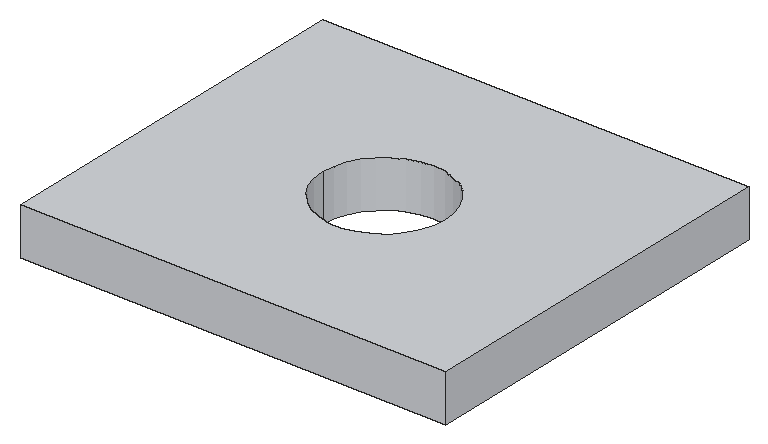
Revit family "Lochplatte VA", category HLS-Bauteile, Revit 2017
Family settings
  Bemaßung runder Anschluss = Durchmesser verwenden
  Teiletyp = Normal
  Arbeitsebenenbasiert = Ja
  Immer vertikal = Nein
  Beim Laden mit Abzugskörper schneiden = Nein
  Gemeinsam genutzt = Ja
  Raumberechnungspunkt = Nein
Parameters (values of type "Lochplatte 13 V4A")
  vpe = "1 St"
  d2 = 6.5 mm
  Default Elevation = 1219.2 mm
  Stärke Material = 0 mm
  Schienenbreite = ""
  S = 5 mm
  Regelhalter [instance] = ""
  Profiltyp = "45"
  Profil = ""
  Plattentyp = ""
  Mengeneinheit = "St"
  Material = "Edelstahl"
  Länge = 45 mm
  L = 45 mm
  Kurztext2 = "Bohrung 13 mm 45x40x5 mm"
  Kurztext1 = "Lochplatte C-Profil 45 V4A"
  Gewinde = ""
  Gewicht pro Bauteil = Gewicht  # 0.068 kg
  Gewicht = 0.068 kg
  Form = ""
  Firma = "MEFA Befestigungs- und Montagesysteme GmbH"
  Fabrikat = "MEFA"
  EAN = "4250928412959"
  Deckentyp = ""
  Breite = 40 mm
  B = 40 mm
  Artikelnummer = "0481401"
  Anzugsmoment = 0 N·m
  Abmessung = ""
Types (3, lengths in mm): name | Kurztext1 | EAN | Artikelnummer
  (no name) | "Lochplatte C-Profil 45 V4A" | "4250928412959" | "0481401"
  Lochplatte 13 V2A | "Lochplatte C-Profil 45 V2A" | "4250928412638" | "0480401"
  Lochplatte 13 V4A | "Lochplatte C-Profil 45 V4A" | "4250928412959" | "0481401"
Reference planes
  plane 1 "Mitte (Vorne/hinten)": y = 0
  plane 2: z = 0
  plane 3 "Mitte (Links/rechts)": x = 0
  plane 4: z = 5
Forms (mm)
  Extrusion 1, solid, detail levels fine
    sketch origin (-17.5, 0, 0) x (1, 0, 0) y (0, 1, 0)
      loop
        line (40, 20) -> (-5, 20) -> (-5, -20) -> (40, -20) -> (40, 20)
    from 0 to 5
  Extrusion 2, void
    sketch origin (0, 0, 0) x (1, 0, 0) y (0, 1, 0)
      loop
        circle (0, 0) r 6.5
    from 0 to 250
  Extrusion 3, solid, detail levels coarse+medium
    sketch origin (-17.5, 0, 0) x (1, 0, 0) y (0, 1, 0)
      loop
        line (40, 20) -> (-5, 20) -> (-5, -20) -> (40, -20) -> (40, 20)
    from 0 to 5
Cuts and joins
  Extrusion 2 cuts Extrusion 1
Lines and regions (mm)
  model lines
    curve 1: line (0, 10, 0) -> (0, -10, 0)
    curve 2: line (-10, 0, 0) -> (10, 0, 0)
    curve 3: line (0, 0, -10) -> (0, 0, 10)
Dimensions and locks
  Extrusion 1 sketch curve to Extrusion 1 sketch curve = 40 mm
  equal spacing: cut or joined group of Extrusion 1, Extrusion 2, plane 1 "Mitte (Vorne/hinten)", cut or joined group of Extrusion 1, Extrusion 2
  Extrusion 1 sketch curve to Extrusion 1 sketch curve = 45 mm
  "S": level to plane 4
  "B": Extrusion 3 sketch curve to Extrusion 3 sketch curve
  "L": Extrusion 3 sketch curve to Extrusion 3 sketch curve
  "d2": radius of Extrusion 2 sketch curve
  aligned and locked: level to plane 2
  aligned and locked: plane 4 to cut or joined group of Extrusion 1, Extrusion 2
  aligned and locked: cut or joined group of Extrusion 1, Extrusion 2 to level
Automatic sketch dimensions
  Extrusion 1 sketch curve to plane 3 "Mitte (Links/rechts)" = 22.5 mm
  plane 1 "Mitte (Vorne/hinten)" to Extrusion 1 sketch curve = 20 mm
  plane 1 "Mitte (Vorne/hinten)" to Extrusion 2 sketch curve = 0 mm
  Extrusion 2 sketch curve to plane 3 "Mitte (Links/rechts)" = 0 mm
  Extrusion 3 sketch curve to plane 3 "Mitte (Links/rechts)" = 22.5 mm
  plane 1 "Mitte (Vorne/hinten)" to Extrusion 3 sketch curve = 20 mm
  plane 1 "Mitte (Vorne/hinten)" to curve 2 = 0 mm
  curve 1 to plane 3 "Mitte (Links/rechts)" = 0 mm
  curve 2 to plane 3 "Mitte (Links/rechts)" = 10 mm
  plane 3 "Mitte (Links/rechts)" to curve 2 = 10 mm
  plane 1 "Mitte (Vorne/hinten)" to curve 1 = 10 mm
  curve 1 to curve 1 = 20 mm
  curve 3 to plane 3 "Mitte (Links/rechts)" = 0 mm
  curve 3 to level = 10 mm
  curve 3 to plane 4 = 5 mm
